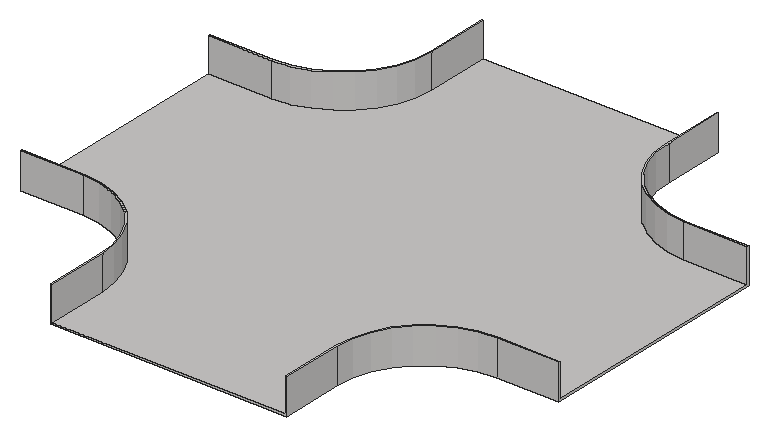
Revit family "Cable_Tray_Fitting-Ventilated_Tray-OBO_Bettermann-Channel_Horizontal_Cross_Over_400-600-MKS", category Cable Tray Fittings, Revit 2012
Parameters (values of type "Hot Dipped Galvanised")
  URL = "http://www.obo-bettermann.com/"
  Tray Width 3 [instance] = 400 mm
  Tray Width 1 [instance] = 400 mm
  Tray Length [instance] = 1.588 mm
  Tray Height [instance] = 60 mm
  built-in parameter 1140111 [instance] = 2.58 mm
  Radius Label 1 = Radius + 2.6 mm  # 152.6 mm
  Radius Label [instance] = Radius  # 150 mm
  Radius = 150 mm
  Product Page URL = "http://catalog2.obo-bettermann.com/catalogue/catalogue.do?favOid=kts_315277&act=showIO&lang=en&action=start&catId=KTS&forward=showSolutionView"
  Product Documentation Link = ""
  Pre Galvanized = yes
  Model = "MKS"
  Manufacturer = "OBO Bettermann"
  Description = "Ventilated Cable Tray"
  Connector Description 4 = "Connector for Cable Tray 4"  # constant formula
  Connector Description 3 = "Connector for Cable Tray 3"  # constant formula
  Connector Description 2 = "Connector for Cable Tray 2"  # constant formula
  Connector Description = "Connector for Cable Tray 1"  # constant formula
  Classification = "Refer to online Catalog for UL and cUL classifed sizes and wire sizes."
  Cable Tray Material = Metal - OBO Bettermann - Hot-Dipped-Galvanised
  Assembly Code = "D5030600"
Types (2, lengths in mm): name | Description | Cable Tray Material
  Stripped Galvanised | "Ventilated Cable tray" | Metal - OBO Bettermann - Strip-Galvanised
  Hot Dipped Galvanised | "Ventilated Cable Tray" | Metal - OBO Bettermann - Hot-Dipped-Galvanised
Reference planes
  plane 1 "Center (Front/Back)": y = 0
  plane 2: z = 0
  plane 3 "Center (Left/Right)": x = 0
  plane 4: y = 200
  plane 5: y = -200
  plane 6: z = 30
  plane 7: z = -30
  plane 8: y = -453.413
  plane 9: x = -200
  plane 10: x = 200
  plane 11: x = -453.412
  plane 12: x = 453.413
  plane 13: y = -197.42
  plane 14: y = 197.42
  plane 15: y = -455
  plane 16: x = -197.42
  plane 17: x = 197.42
  plane 18: x = -455
  plane 19: x = 455
  plane 20: z = -27.42
  plane 21: y = 453.412
  plane 22: y = 455
Forms (mm)
  Extrusion 1, solid, material "Metal - OBO Bettermann - Hot-Dipped-Galvanised" <- "Cable Tray Material", detail levels medium+fine
    sketch origin (377.212, 0, 0) x (1, 0, 0) y (0, 1, 0)
      loop
        line (-832.212, -197.42) -> (-832.212, -200) -> (-727.212, -200)
        arc (-727.212, -200) -> (-621.146, -243.934) -> (-577.212, -350) r 150
        line (-577.212, -350) -> (-577.212, -455) -> (-574.633, -455) -> (-574.633, -347.51)
        arc (-574.633, -347.51) -> (-619.308, -242.096) -> (-724.723, -197.42) r 152.6
        line (-724.723, -197.42) -> (-832.212, -197.42)
      loop
        line (-27.212, -200) -> (77.788, -200) -> (77.788, -197.42) -> (-29.702, -197.42)
        arc (-29.702, -197.42) -> (-135.117, -242.096) -> (-179.792, -347.51) r 152.6
        line (-179.792, -347.51) -> (-179.792, -455) -> (-177.212, -455) -> (-177.212, -350)
        arc (-177.212, -350) -> (-133.279, -243.934) -> (-27.212, -200) r 150
      loop
        line (-832.212, 197.42) -> (-724.723, 197.42)
        arc (-724.723, 197.42) -> (-619.308, 242.096) -> (-574.633, 347.51) r 152.6
        line (-574.633, 347.51) -> (-574.633, 455) -> (-577.212, 455) -> (-577.212, 350)
        arc (-577.212, 350) -> (-621.146, 243.934) -> (-727.212, 200) r 150
        line (-727.212, 200) -> (-832.212, 200) -> (-832.212, 197.42)
      loop
        arc (-27.212, 200) -> (-133.279, 243.934) -> (-177.212, 350) r 150
        line (-177.212, 350) -> (-177.212, 455) -> (-179.792, 455) -> (-179.792, 347.51)
        arc (-179.792, 347.51) -> (-135.117, 242.096) -> (-29.702, 197.42) r 152.6
        line (-29.702, 197.42) -> (77.788, 197.42) -> (77.788, 200) -> (-27.212, 200)
    from -30 to 30
  Extrusion 2, solid, material "Metal - OBO Bettermann - Hot-Dipped-Galvanised" <- "Cable Tray Material", detail levels medium+fine
    sketch origin (0, 0, 0) x (1, 0, 0) y (0, 1, 0)
      loop
        line (-455, 200) -> (-455, -200) -> (-350, -200)
        arc (-350, -200) -> (-243.934, -243.934) -> (-200, -350) r 150
        line (-200, -350) -> (-200, -455) -> (200, -455) -> (200, -350)
        arc (200, -350) -> (243.934, -243.934) -> (350, -200) r 150
        line (350, -200) -> (455, -200) -> (455, 200) -> (350, 200)
        arc (350, 200) -> (243.934, 243.934) -> (200, 350) r 150
        line (200, 350) -> (200, 455) -> (-200, 455) -> (-200, 350)
        arc (-200, 350) -> (-243.934, 243.934) -> (-350, 200) r 150
        line (-350, 200) -> (-455, 200)
    from -30 to -27.42
  Extrusion 3, solid, material "Metal - OBO Bettermann - Hot-Dipped-Galvanised" <- "Cable Tray Material", detail levels medium
    sketch origin (0, 0, 0) x (1, 0, 0) y (0, 1, 0)
      loop
        line (-455, 200) -> (-455, -200) -> (-350, -200)
        arc (-350, -200) -> (-243.934, -243.934) -> (-200, -350) r 150
        line (-200, -350) -> (-200, -455) -> (200, -455) -> (200, -350)
        arc (200, -350) -> (243.934, -243.934) -> (350, -200) r 150
        line (350, -200) -> (455, -200) -> (455, 200) -> (350, 200)
        arc (350, 200) -> (243.934, 243.934) -> (200, 350) r 150
        line (200, 350) -> (200, 455) -> (-200, 455) -> (-200, 350)
        arc (-200, 350) -> (-243.934, 243.934) -> (-350, 200) r 150
        line (-350, 200) -> (-455, 200)
    from -30 to 30
Cuts and joins
  joined: Extrusion 1, Extrusion 2
Lines and regions (mm)
  model lines, style "Coarse View", detail levels coarse
    curve 1: line (-455, 0, 0) -> (455, 0, 0)
    curve 2: line (0, 0, 0) -> (0, -455, 0)
    curve 3: line (0, 455, 0) -> (0, 0, 0)
  symbolic lines, detail levels fine
    curve 4: line (197.42, 455, 0) -> (197.42, 453.412, 0)
    curve 5: line (453.413, 197.42, 0) -> (455, 197.42, 0)
    curve 6: line (455, -197.42, 0) -> (453.413, -197.42, 0)
    curve 7: line (197.42, -453.413, 0) -> (197.42, -455, 0)
    curve 8: line (-197.42, -455, 0) -> (-197.42, -453.413, 0)
    curve 9: line (-453.412, -197.42, 0) -> (-455, -197.42, 0)
    curve 10: line (-200, -350, 0) -> (-200, -455, 0)
    curve 11: arc (-350, -200, 0) -> (-243.934, -243.934, 0) -> (-200, -350, 0) r 150
    curve 12: line (-455, -200, 0) -> (-350, -200, 0)
    curve 13: line (350, -200, 0) -> (455, -200, 0)
    curve 14: arc (200, -350, 0) -> (243.934, -243.934, 0) -> (350, -200, 0) r 150
    curve 15: line (200, -455, 0) -> (200, -350, 0)
    curve 16: line (200, 350, 0) -> (200, 455, 0)
    curve 17: arc (350, 200, 0) -> (243.934, 243.934, 0) -> (200, 350, 0) r 150
    curve 18: line (455, 200, 0) -> (350, 200, 0)
    curve 19: line (-350, 200, 0) -> (-455, 200, 0)
    curve 20: arc (-200, 350, 0) -> (-243.934, 243.934, 0) -> (-350, 200, 0) r 150
    curve 21: line (-200, 455, 0) -> (-200, 350, 0)
Dimensions and locks
  equal spacing: plane 4, plane 1 "Center (Front/Back)", plane 5
  "Tray Width 1": plane 4 to plane 5
  equal spacing: plane 6, plane 2, plane 7
  "Tray Height": plane 6 to plane 7
  equal spacing: plane 9, plane 3 "Center (Left/Right)", plane 10
  "Tray Width 3": plane 9 to plane 10
  "built-in parameter 1140111": plane 13 to plane 5
  "built-in parameter 1140111": plane 4 to plane 14
  "Tray Length": plane 8 to plane 15
  "built-in parameter 1140111": plane 9 to plane 16
  "built-in parameter 1140111": plane 17 to plane 10
  "Tray Length": plane 18 to plane 11
  "Tray Length": plane 12 to plane 19
  "built-in parameter 1140111": plane 20 to plane 7
  "Tray Length": plane 21 to plane 22
  locked: plane 18 to plane 9 at 255
  locked: plane 10 to plane 19 at 255
  equal spacing: plane 18, plane 3 "Center (Left/Right)", plane 19
  locked: plane 4 to plane 22 at 255
  locked: plane 5 to plane 15 at 255
  equal spacing: plane 15, plane 1 "Center (Front/Back)", plane 22
  "Radius Label": radius of Extrusion 3 sketch curve  (x4)
  "Radius Label": radius of Extrusion 1 sketch curve  (x4)
  "Radius Label 1": radius of Extrusion 1 sketch curve  (x4)
  aligned and locked: Extrusion 1 to plane 7
  aligned and locked: plane 6 to Extrusion 1
  aligned and locked: plane 5 to Extrusion 2 sketch curve
  aligned and locked: plane 19 to Extrusion 2 sketch curve
  aligned and locked: plane 9 to Extrusion 2 sketch curve
  aligned and locked: Extrusion 2 sketch curve to plane 15
  aligned and locked: Extrusion 2 to plane 7
  aligned and locked: plane 20 to Extrusion 2
  aligned and locked: plane 18 to Extrusion 3 sketch curve
  aligned and locked: Extrusion 3 sketch curve to plane 5
  aligned and locked: plane 4 to Extrusion 3 sketch curve  (x2)
  aligned and locked: plane 5 to Extrusion 3 sketch curve
  aligned and locked: plane 10 to Extrusion 3 sketch curve
  aligned and locked: plane 9 to Extrusion 3 sketch curve
  aligned and locked: Extrusion 3 sketch curve to plane 15
  aligned and locked: Extrusion 3 to plane 7
  aligned and locked: plane 6 to Extrusion 3
  aligned and locked: plane 19 to curve 1
  aligned and locked: plane 18 to curve 1
  aligned and locked: plane 15 to curve 2
  aligned and locked: plane 1 "Center (Front/Back)" to curve 2
  aligned and locked: curve 2 to plane 3 "Center (Left/Right)"
  aligned and locked: plane 22 to curve 3
  aligned and locked: curve 3 to plane 3 "Center (Left/Right)"
  aligned and locked: plane 18 to curve 9
  aligned and locked: plane 15 to curve 8
  aligned and locked: plane 15 to curve 7
  aligned and locked: plane 19 to curve 6
  aligned and locked: plane 19 to curve 5
  aligned and locked: plane 22 to curve 4
  aligned and locked: Extrusion 2 sketch curve to cut or joined group of Extrusion 1, Extrusion 2  (x8)
  aligned and locked: curve 11 to cut or joined group of Extrusion 1, Extrusion 2
  aligned and locked: curve 12 to cut or joined group of Extrusion 1, Extrusion 2
  aligned and locked: curve 14 to cut or joined group of Extrusion 1, Extrusion 2
  aligned and locked: curve 17 to cut or joined group of Extrusion 1, Extrusion 2
  aligned and locked: curve 18 to cut or joined group of Extrusion 1, Extrusion 2
  aligned and locked: curve 20 to cut or joined group of Extrusion 1, Extrusion 2
  aligned and locked: curve 21 to cut or joined group of Extrusion 1, Extrusion 2
Automatic sketch dimensions
  curve 9 to plane 11 = 0 mm
  curve 7 to plane 8 = 0 mm
  curve 7 to plane 17 = 0 mm
  curve 4 to plane 17 = 0 mm
  curve 6 to plane 13 = 0 mm
  curve 9 to plane 13 = 0 mm
  Extrusion 3 sketch curve to plane 9 = 0 mm
  Extrusion 3 sketch curve to plane 10 = 0 mm
  Extrusion 3 sketch curve to plane 19 = 0 mm
  plane 22 to Extrusion 3 sketch curve = 0 mm
  Extrusion 1 sketch curve to Extrusion 1 sketch curve = 0 mm  (x8)
  Extrusion 1 sketch curve to plane 13 = 0 mm  (x2)
  Extrusion 1 sketch curve to plane 18 = 0 mm  (x2)
  Extrusion 1 sketch curve to plane 4 = 0 mm  (x2)
  Extrusion 1 sketch curve to plane 5 = 0 mm  (x2)
  Extrusion 1 sketch curve to plane 14 = 0 mm  (x2)
  Extrusion 1 sketch curve to plane 9 = 0 mm  (x2)
  Extrusion 1 sketch curve to plane 16 = 0 mm  (x2)
  Extrusion 1 sketch curve to plane 17 = 0 mm  (x2)
  Extrusion 1 sketch curve to plane 10 = 0 mm  (x2)
  Extrusion 1 sketch curve to plane 19 = 0 mm  (x2)
  Extrusion 1 sketch curve to plane 15 = 0 mm  (x2)
  plane 22 to Extrusion 1 sketch curve = 0 mm  (x2)
  Extrusion 2 sketch curve to plane 18 = 0 mm
  plane 22 to Extrusion 2 sketch curve = 0 mm
  curve 10 to plane 15 = 0 mm
  curve 12 to plane 18 = 0 mm
  curve 8 to plane 8 = 0 mm
  curve 8 to plane 16 = 0 mm
  curve 6 to plane 12 = 0 mm
  curve 13 to plane 19 = 0 mm
  curve 15 to plane 15 = 0 mm
  plane 22 to curve 16 = 0 mm
  curve 18 to plane 19 = 0 mm
  curve 5 to plane 12 = 0 mm
  curve 5 to plane 14 = 0 mm
  plane 21 to curve 4 = 0 mm
  curve 19 to plane 18 = 0 mm
  plane 22 to curve 21 = 0 mm
Connectors
  cabletrayconduit at (-455, 0, 0), driven by "Tray Height", driven by "Tray Width 1", driven by "Connector Description"
    settings: on Extrusion 3, index 1, connector width 400 mm, connector height 60 mm, connector radius 304.8 mm, connector angle 0.00°, system type 32, placement type 0, profile type 1, connector reference index 2, is primary connector yes, connector utility param no, connector description "Connector for Cable Tray 1"
  cabletrayconduit at (455, 0, 0), driven by "Tray Height", driven by "Tray Width 1", driven by "Connector Description 2"
    settings: on Extrusion 3, index 2, connector width 400 mm, connector height 60 mm, connector radius 304.8 mm, connector angle 0.00°, system type 32, placement type 0, profile type 1, connector reference index 1, is primary connector no, connector utility param no, connector description "Connector for Cable Tray 2"
  cabletrayconduit at (0, -455, 0), driven by "Tray Height", driven by "Tray Width 3", driven by "Connector Description 3"
    settings: on Extrusion 3, index 3, connector width 400 mm, connector height 60 mm, connector radius 304.8 mm, connector angle 0.00°, system type 32, placement type 0, profile type 1, connector reference index 4, is primary connector no, connector utility param no, connector description "Connector for Cable Tray 3"
  cabletrayconduit at (0, 455, 0), driven by "Tray Height", driven by "Tray Width 3", driven by "Connector Description 4"
    settings: on Extrusion 3, index 4, connector width 400 mm, connector height 60 mm, connector radius 304.8 mm, connector angle 0.00°, system type 32, placement type 0, profile type 1, connector reference index 3, is primary connector no, connector utility param no, connector description "Connector for Cable Tray 4"
